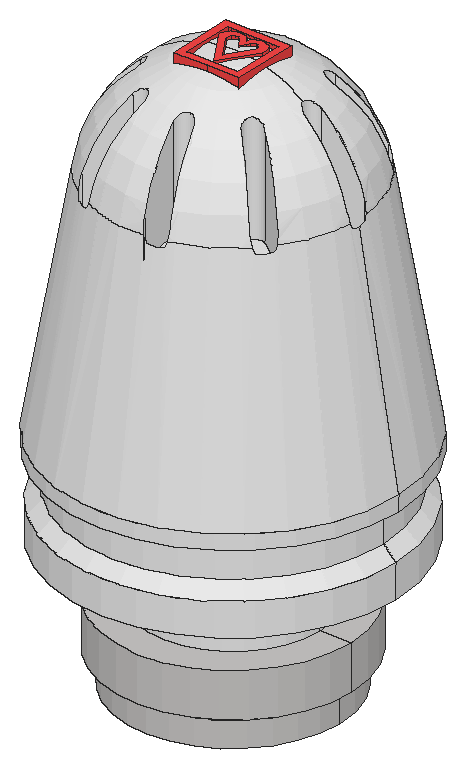
Revit family "HERZ-Thermostatkopf MINI GS M28x1.5 9200 06", category Rohrzubehör, Revit 2020
Family settings
  Bemaßung runder Anschluss = Durchmesser verwenden
  Teiletyp = Normal
  OmniClass-Nummer = 23.65.55.14
  OmniClass-Titel = Valves for Liquid Services
  Arbeitsebenenbasiert = Nein
  Immer vertikal = Nein
  Beim Laden mit Abzugskörper schneiden = Nein
  Gemeinsam genutzt = Nein
Parameters
  Vorgabe-Ansicht = 0 mm
  URL = "www.herz-armaturen.at"
  Thermostatkopf = "Kunststoff, weiß"  # constant formula
  Sollwertbereich = "6-28°C"  # constant formula
  S02 = 60 mm  # constant formula
  S01 = 73 mm  # constant formula
  Nullstellung = "Heizkörperthermostat mit Flüssigkeitsfühler (Hydrosensor) mit Stellung „0“, Frostsicherung einstellbar, mit Begrenzung und Blockierung des Sollwertbereiches."
  Hersteller = "HERZ Armaturen Ges.m.b.H."  # constant formula
  Funktionsweise = "Der HERZ-Thermostat dient als Fühl- und Regelelement. Durch die Volumsänderung der Flüssigkeitsfüllung im HERZ-Hydrosensor wird die Schubspindel des Ventils bewegt."
  Frostsicherung bei = 6 °C  # constant formula
  Sollwertbereich Frostsicherung = "6-28°C"  # constant formula
  Frostsicherung = "Heizkörperthermostat  mit  Flüssigkeitsfühler  (Hydrosensor)  mit  automatischer  Frostsicherung  und  Be-grenzung und Blockierung des Sollwertbereiches."
  Bestellnummer = 1920006  # constant formula
  Anwendungen = "Zur Montage auf Ventilen, die für thermostatischen Betrieb eingerichtet sind.Artikelnummern, Dimensionen und Lieferform der HERZ Ventile sind den jeweiligen Produktnormblättern zu entnehmen."
Reference planes
  plane 1 "Mitte (Vorne/hinten)": y = 0
  plane 2: z = 0
  plane 3 "Mitte (Links/rechts)": x = 0
Forms (mm)
  Revolve 1, solid, material "Kunststoff weiß", detail levels fine
    sketch origin (0, 0, 0) x (1, 0, 0) y (0, 0, 1)
      loop
        line (0, 0) -> (0, 73)
        arc (0, 73) -> (-11.397, 68.78) -> (-17.297, 58.156) r 17.5
        arc (-17.297, 58.156) -> (-20.011, 42.065) -> (-22.88, 26) r 1681.293
        line (-22.88, 26) -> (-22.88, 24) -> (-20.75, 24) -> (-20.75, 19.25) -> (-22.5, 17.5) -> (-22.5, 13) -> (-12.8, 13)
        arc (-12.8, 13) -> (-12.234, 12.766) -> (-12, 12.2) r 0.8
        line (-12, 12.2) -> (-12, 4.8) -> (-13.2, 4.8) -> (-13.2, 0) -> (0, 0)
      axis (0, 73) -> (0, 0)
    angle from 0 to 360
  Revolve 2, solid, material "Messing verzinkt", detail levels fine
    sketch origin (0, 0, 0) x (1, 0, 0) y (0, 0, 1)
      loop
        line (0, 0) -> (0, 5.5) -> (-16.35, 5.5) -> (-16.35, -0.576) -> (-14.75, -1.5) -> (-14.75, -5) -> (-13.35, -5) -> (-13.35, 0) -> (0, 0)
      axis (0, 5.5) -> (0, -5)
    angle from 0 to 360
  Extrusion 3, void
    sketch origin (0, 0, 0) x (1, 0, 0) y (0, 1, 0)
      loop
        arc (11.027, 1.298) -> (9.8, 0) -> (11.027, -1.298) r 1.3
        line (11.027, -1.298) -> (16.77, -1.62)
        arc (16.77, -1.62) -> (17.178, -1.485) -> (17.384, -1.107) r 0.586
        arc (17.384, -1.107) -> (17.453, 0.011) -> (17.382, 1.129) r 9
        arc (17.382, 1.129) -> (17.183, 1.492) -> (16.79, 1.621) r 0.564
        line (16.79, 1.621) -> (11.027, 1.298)
      loop
        line (9.282, 6.094) -> (13.904, 9.55)
        arc (13.904, 9.55) -> (14.121, 9.902) -> (14.04, 10.308) r 0.564
        arc (14.04, 10.308) -> (13.376, 11.21) -> (12.605, 12.023) r 9
        arc (12.605, 12.023) -> (12.205, 12.18) -> (11.805, 12.021) r 0.586
        line (11.805, 12.021) -> (7.613, 8.082)
        arc (7.613, 8.082) -> (7.507, 6.299) -> (9.282, 6.094) r 1.3
      loop
        arc (0.637, 11.085) -> (1.702, 9.651) -> (3.193, 10.634) r 1.3
        line (3.193, 10.634) -> (4.508, 16.234)
        arc (4.508, 16.234) -> (4.445, 16.659) -> (4.109, 16.928) r 0.586
        arc (4.109, 16.928) -> (3.02, 17.189) -> (1.907, 17.313) r 9
        arc (1.907, 17.313) -> (1.515, 17.181) -> (1.319, 16.816) r 0.564
        line (1.319, 16.816) -> (0.637, 11.085)
      loop
        line (-4.39, 10.199) -> (-6.991, 15.351)
        arc (-6.991, 15.351) -> (-7.3, 15.626) -> (-7.713, 15.617) r 0.564
        arc (-7.713, 15.617) -> (-8.717, 15.12) -> (-9.651, 14.501) r 9
        arc (-9.651, 14.501) -> (-9.875, 14.134) -> (-9.788, 13.713) r 0.586
        line (-9.788, 13.713) -> (-6.638, 8.901)
        arc (-6.638, 8.901) -> (-4.9, 8.487) -> (-4.39, 10.199) r 1.3
      loop
        arc (-10.806, 2.552) -> (-9.209, 3.352) -> (-9.918, 4.991) r 1.3
        line (-9.918, 4.991) -> (-15.204, 7.258)
        arc (-15.204, 7.258) -> (-15.634, 7.271) -> (-15.957, 6.986) r 0.586
        arc (-15.957, 6.986) -> (-16.404, 5.959) -> (-16.719, 4.884) r 9
        arc (-16.719, 4.884) -> (-16.657, 4.475) -> (-16.332, 4.219) r 0.564
        line (-16.332, 4.219) -> (-10.806, 2.552)
      loop
        line (-10.806, -2.552) -> (-16.332, -4.219)
        arc (-16.332, -4.219) -> (-16.657, -4.475) -> (-16.719, -4.884) r 0.564
        arc (-16.719, -4.884) -> (-16.404, -5.959) -> (-15.957, -6.986) r 9
        arc (-15.957, -6.986) -> (-15.634, -7.271) -> (-15.204, -7.258) r 0.586
        line (-15.204, -7.258) -> (-9.918, -4.991)
        arc (-9.918, -4.991) -> (-9.209, -3.352) -> (-10.806, -2.552) r 1.3
      loop
        arc (9.282, -6.094) -> (7.507, -6.299) -> (7.613, -8.082) r 1.3
        line (7.613, -8.082) -> (11.805, -12.021)
        arc (11.805, -12.021) -> (12.205, -12.18) -> (12.605, -12.023) r 0.586
        arc (12.605, -12.023) -> (13.376, -11.21) -> (14.04, -10.308) r 9
        arc (14.04, -10.308) -> (14.121, -9.902) -> (13.904, -9.55) r 0.564
        line (13.904, -9.55) -> (9.282, -6.094)
      loop
        line (0.637, -11.085) -> (1.319, -16.816)
        arc (1.319, -16.816) -> (1.515, -17.181) -> (1.907, -17.313) r 0.564
        arc (1.907, -17.313) -> (3.02, -17.189) -> (4.109, -16.928) r 9
        arc (4.109, -16.928) -> (4.445, -16.659) -> (4.508, -16.234) r 0.586
        line (4.508, -16.234) -> (3.193, -10.634)
        arc (3.193, -10.634) -> (1.702, -9.651) -> (0.637, -11.085) r 1.3
      loop
        arc (-4.39, -10.199) -> (-4.9, -8.487) -> (-6.638, -8.901) r 1.3
        line (-6.638, -8.901) -> (-9.788, -13.713)
        arc (-9.788, -13.713) -> (-9.875, -14.134) -> (-9.651, -14.501) r 0.586
        arc (-9.651, -14.501) -> (-8.717, -15.12) -> (-7.713, -15.617) r 9
        arc (-7.713, -15.617) -> (-7.3, -15.626) -> (-6.991, -15.351) r 0.564
        line (-6.991, -15.351) -> (-4.39, -10.199)
    from 55 to 73
Cuts and joins
  Extrusion 3 cuts Revolve 1
Lines and regions (mm)
  model lines, detail levels coarse+medium
    curve 1: line (0, 0, 0) -> (0, 0, 13)
    curve 2: line (0, -0.017, 0) -> (0, 13, 0)
    curve 3: circle (0, 0, 43) r 30 normal (0, -1, 0)
    curve 4: circle (0, 0, 43) r 30 normal (1, 0, 0)
    curve 5: line (0, 0, 23) -> (0, 0, 63)
    curve 6: line (0, 17.5, 63) -> (0, -17.5, 63)
    curve 7: line (-17.5, 0, 63) -> (17.5, 0, 63)
    curve 8: circle (0, 43, 0) r 30 normal (0, 0, 1)
    curve 9: line (0, 23, 0) -> (0, 63, 0)
    curve 10: line (-17.5, 63, 0) -> (17.5, 63, 0)
Dimensions and locks
  "S01": curve 4 to plane 2
  "S01": curve 3 to plane 2
  "S01": plane 1 "Mitte (Vorne/hinten)" to curve 8
  "S02": diameter of curve 3
  "S02": diameter of curve 4
  "S02": diameter of curve 8
  aligned and locked: level to plane 2
Automatic sketch dimensions
  Revolve 1 sketch curve to level = 0 mm
  Revolve 1 sketch curve to plane 3 "Mitte (Links/rechts)" = 0 mm  (x2)
  Revolve 1 sketch curve to plane 3 "Mitte (Links/rechts)" = 12 mm
  Revolve 1 sketch curve to Revolve 1 sketch curve = 0.8 mm
  Revolve 1 sketch curve to Revolve 1 sketch curve = 1.2 mm
  Revolve 1 sketch curve to Revolve 1 sketch curve = 7.95 mm
  Revolve 1 sketch curve to Revolve 1 sketch curve = 1.75 mm  (x2)
  Revolve 1 sketch curve to Revolve 1 sketch curve = 2.13 mm
  level to Revolve 1 sketch curve = 329.658 mm
  Revolve 1 sketch curve to plane 3 "Mitte (Links/rechts)" = 1676.524 mm
  level to Revolve 1 sketch curve = 4.8 mm
  Revolve 1 sketch curve to Revolve 1 sketch curve = 7.4 mm
  Revolve 1 sketch curve to Revolve 1 sketch curve = 4.5 mm
  Revolve 1 sketch curve to Revolve 1 sketch curve = 4.75 mm
  Revolve 1 sketch curve to Revolve 1 sketch curve = 2 mm
  Revolve 1 sketch curve to Revolve 1 sketch curve = 29.5 mm
  Revolve 1 sketch curve to Revolve 1 sketch curve = 17.5 mm
  Revolve 1 sketch curve to level = 366.045 mm
  Revolve 1 sketch curve to Revolve 1 sketch curve = 2141.315 mm
  Revolve 2 sketch curve to level = 0 mm
  Revolve 2 sketch curve to plane 3 "Mitte (Links/rechts)" = 0 mm  (x2)
  Revolve 2 sketch curve to level = 5 mm
  Revolve 2 sketch curve to plane 3 "Mitte (Links/rechts)" = 13.35 mm
  Revolve 2 sketch curve to Revolve 2 sketch curve = 1.4 mm
  Revolve 2 sketch curve to level = 0.576 mm
  Revolve 2 sketch curve to Revolve 2 sketch curve = 1.6 mm
  Revolve 2 sketch curve to level = 1.5 mm
  level to Revolve 2 sketch curve = 5.5 mm
  Revolve 2 sketch curve to Revolve 2 sketch curve = 361.045 mm
  Revolve 2 sketch curve to Revolve 2 sketch curve = 2208.815 mm
  plane 1 "Mitte (Vorne/hinten)" to Extrusion 3 sketch curve = 0 mm  (x2)
  Extrusion 3 sketch curve to plane 1 "Mitte (Vorne/hinten)" = 4.219 mm
  Extrusion 3 sketch curve to plane 3 "Mitte (Links/rechts)" = 16.332 mm
  plane 1 "Mitte (Vorne/hinten)" to Extrusion 3 sketch curve = 4.219 mm
  Extrusion 3 sketch curve to Extrusion 3 sketch curve = 0 mm  (x11)
  Extrusion 3 sketch curve to Extrusion 3 sketch curve = 0.163 mm  (x2)
  Extrusion 3 sketch curve to Extrusion 3 sketch curve = 0.734 mm  (x2)
  plane 1 "Mitte (Vorne/hinten)" to Extrusion 3 sketch curve = 7.258 mm
  Extrusion 3 sketch curve to Extrusion 3 sketch curve = 0.231 mm  (x2)
  Extrusion 3 sketch curve to plane 1 "Mitte (Vorne/hinten)" = 7.258 mm
  plane 1 "Mitte (Vorne/hinten)" to Extrusion 3 sketch curve = 2.552 mm
  Extrusion 3 sketch curve to Extrusion 3 sketch curve = 5.526 mm
  Extrusion 3 sketch curve to plane 1 "Mitte (Vorne/hinten)" = 2.552 mm
  Extrusion 3 sketch curve to Extrusion 3 sketch curve = 0.375 mm  (x2)
  Extrusion 3 sketch curve to Extrusion 3 sketch curve = 0.512 mm  (x2)
  Extrusion 3 sketch curve to Extrusion 3 sketch curve = 5.416 mm  (x2)
  Extrusion 3 sketch curve to Extrusion 3 sketch curve = 0.49 mm  (x2)
  Extrusion 3 sketch curve to Extrusion 3 sketch curve = 2.488 mm  (x2)
  Extrusion 3 sketch curve to Extrusion 3 sketch curve = 1.803 mm  (x2)
  Extrusion 3 sketch curve to Extrusion 3 sketch curve = 0.504 mm  (x2)
  Extrusion 3 sketch curve to Extrusion 3 sketch curve = 3.281 mm  (x2)
  Extrusion 3 sketch curve to Extrusion 3 sketch curve = 1.088 mm  (x2)
  Extrusion 3 sketch curve to Extrusion 3 sketch curve = 1.16 mm  (x2)
  Extrusion 3 sketch curve to Extrusion 3 sketch curve = 1.324 mm  (x2)
  plane 3 "Mitte (Links/rechts)" to Extrusion 3 sketch curve = 0.637 mm  (x2)
  plane 3 "Mitte (Links/rechts)" to Extrusion 3 sketch curve = 1.319 mm  (x2)
  plane 3 "Mitte (Links/rechts)" to Extrusion 3 sketch curve = 1.468 mm  (x2)
  Extrusion 3 sketch curve to Extrusion 3 sketch curve = 0.561 mm  (x2)
  Extrusion 3 sketch curve to Extrusion 3 sketch curve = 1.291 mm  (x2)
  Extrusion 3 sketch curve to Extrusion 3 sketch curve = 1.266 mm  (x2)
  Extrusion 3 sketch curve to Extrusion 3 sketch curve = 2.058 mm  (x2)
  Extrusion 3 sketch curve to Extrusion 3 sketch curve = 0.57 mm  (x2)
  Extrusion 3 sketch curve to Extrusion 3 sketch curve = 5.007 mm  (x2)
  Extrusion 3 sketch curve to Extrusion 3 sketch curve = 1.138 mm  (x2)
  Extrusion 3 sketch curve to Extrusion 3 sketch curve = 1.978 mm
  Extrusion 3 sketch curve to Extrusion 3 sketch curve = 0.89 mm  (x2)
  Extrusion 3 sketch curve to Extrusion 3 sketch curve = 0.779 mm  (x2)
  plane 1 "Mitte (Vorne/hinten)" to Extrusion 3 sketch curve = 1.298 mm
  Extrusion 3 sketch curve to Extrusion 3 sketch curve = 2.575 mm
  Extrusion 3 sketch curve to Extrusion 3 sketch curve = 0.073 mm
  Extrusion 3 sketch curve to Extrusion 3 sketch curve = 4.192 mm  (x2)
  Extrusion 3 sketch curve to Extrusion 3 sketch curve = 0.401 mm  (x2)
  Extrusion 3 sketch curve to Extrusion 3 sketch curve = 1.36 mm  (x2)
  Extrusion 3 sketch curve to Extrusion 3 sketch curve = 0.338 mm  (x2)
  plane 1 "Mitte (Vorne/hinten)" to Extrusion 3 sketch curve = 1.62 mm
  Extrusion 3 sketch curve to Extrusion 3 sketch curve = 5.743 mm
  Extrusion 3 sketch curve to plane 1 "Mitte (Vorne/hinten)" = 1.621 mm
  Extrusion 3 sketch curve to Extrusion 3 sketch curve = 0.02 mm
  Extrusion 3 sketch curve to Extrusion 3 sketch curve = 0.033 mm
  Extrusion 3 sketch curve to Extrusion 3 sketch curve = 0.032 mm
  plane 1 "Mitte (Vorne/hinten)" to Extrusion 3 sketch curve = 7.32 mm
  Extrusion 3 sketch curve to Extrusion 3 sketch curve = 6.784 mm
  Extrusion 3 sketch curve to Extrusion 3 sketch curve = 1.004 mm
  Extrusion 3 sketch curve to Extrusion 3 sketch curve = 1.581 mm  (x2)
  Extrusion 3 sketch curve to Extrusion 3 sketch curve = 1.468 mm
  Extrusion 3 sketch curve to Extrusion 3 sketch curve = 0.712 mm  (x2)
  Extrusion 3 sketch curve to Extrusion 3 sketch curve = 0.452 mm  (x2)
  Extrusion 3 sketch curve to Extrusion 3 sketch curve = 2.31 mm  (x2)
  Extrusion 3 sketch curve to Extrusion 3 sketch curve = 0.297 mm  (x2)
  Extrusion 3 sketch curve to Extrusion 3 sketch curve = 1.591 mm  (x2)
  Extrusion 3 sketch curve to Extrusion 3 sketch curve = 0.427 mm  (x2)
  Extrusion 3 sketch curve to Extrusion 3 sketch curve = 4.812 mm  (x2)
  Extrusion 3 sketch curve to Extrusion 3 sketch curve = 0.321 mm  (x2)
  Extrusion 3 sketch curve to Extrusion 3 sketch curve = 1.063 mm  (x2)
  Extrusion 3 sketch curve to Extrusion 3 sketch curve = 0.254 mm  (x2)
  Extrusion 3 sketch curve to Extrusion 3 sketch curve = 5.599 mm  (x2)
  Extrusion 3 sketch curve to Extrusion 3 sketch curve = 0.134 mm  (x2)
  Extrusion 3 sketch curve to Extrusion 3 sketch curve = 0.382 mm  (x2)
  Extrusion 3 sketch curve to Extrusion 3 sketch curve = 0.067 mm  (x2)
  Extrusion 3 sketch curve to Extrusion 3 sketch curve = 0.947 mm
  Extrusion 3 sketch curve to Extrusion 3 sketch curve = 0.539 mm  (x2)
  Extrusion 3 sketch curve to Extrusion 3 sketch curve = 1.702 mm
  Extrusion 3 sketch curve to Extrusion 3 sketch curve = 2.439 mm
  Extrusion 3 sketch curve to Extrusion 3 sketch curve = 0.54 mm  (x2)
  Extrusion 3 sketch curve to Extrusion 3 sketch curve = 0.905 mm
  Extrusion 3 sketch curve to Extrusion 3 sketch curve = 0.585 mm
  Extrusion 3 sketch curve to Extrusion 3 sketch curve = 0.564 mm
  Extrusion 3 sketch curve to Extrusion 3 sketch curve = 0.339 mm
  Extrusion 3 sketch curve to Extrusion 3 sketch curve = 1.245 mm
  Extrusion 3 sketch curve to plane 1 "Mitte (Vorne/hinten)" = 5.433 mm
  Extrusion 3 sketch curve to Extrusion 3 sketch curve = 0.661 mm
  Extrusion 3 sketch curve to Extrusion 3 sketch curve = 1.041 mm
  Extrusion 3 sketch curve to Extrusion 3 sketch curve = 4.429 mm
  Extrusion 3 sketch curve to Extrusion 3 sketch curve = 2.891 mm
  Extrusion 3 sketch curve to Extrusion 3 sketch curve = 3.456 mm
  Extrusion 3 sketch curve to plane 1 "Mitte (Vorne/hinten)" = 1.298 mm  (x2)
  curve 5 to plane 1 "Mitte (Vorne/hinten)" = 0 mm
  curve 4 to plane 1 "Mitte (Vorne/hinten)" = 0 mm
  plane 1 "Mitte (Vorne/hinten)" to curve 6 = 17.5 mm
  curve 5 to curve 6 = 17.5 mm
  curve 5 to curve 4 = 20 mm
  curve 4 to curve 6 = 20 mm
  curve 3 to plane 3 "Mitte (Links/rechts)" = 0 mm
  curve 1 to plane 3 "Mitte (Links/rechts)" = 0 mm
  curve 1 to level = 0 mm
  curve 7 to plane 3 "Mitte (Links/rechts)" = 17.5 mm
  plane 3 "Mitte (Links/rechts)" to curve 7 = 17.5 mm
  curve 3 to curve 7 = 20 mm
  curve 8 to plane 3 "Mitte (Links/rechts)" = 0 mm
  curve 9 to plane 3 "Mitte (Links/rechts)" = 0 mm
  curve 2 to plane 3 "Mitte (Links/rechts)" = 0 mm
  curve 10 to curve 9 = 17.5 mm
  plane 3 "Mitte (Links/rechts)" to curve 10 = 17.5 mm
  plane 1 "Mitte (Vorne/hinten)" to curve 2 = 0.017 mm
  curve 2 to curve 9 = 10 mm
  curve 8 to curve 10 = 20 mm
Nested families
  nested 1: "Herz-Logo" at (0, 0, 71.5), type "Herz-Logo", detail levels fine
Definition of nested family "Herz-Logo"
  Parameters (values of type "Herz-Logo")
    Default Elevation = 0 mm
  Reference planes
    plane 1 "Mitte (Vorne/hinten)": y = 0
    plane 2: z = 0
    plane 3 "Mitte (Links/rechts)": x = 0
  Forms (mm)
    Extrusion 1, solid
      sketch origin (0, 0, 0) x (1, 0, 0) y (0, 1, 0)
        loop
          line (-0.018, -4.517) -> (4.482, -4.517) -> (4.482, 4.483) -> (-4.518, 4.483) -> (-4.518, -4.517) -> (-0.018, -4.517)
        loop
          line (-0.05, -3.48) -> (3.482, -3.48) -> (3.482, 3.483) -> (-3.518, 3.483) -> (-3.518, -3.48) -> (-0.05, -3.48)
        loop
          arc (-0.018, 2.383) -> (-1.543, 3.287) -> (-3.067, 2.383) r 1.738
          arc (-3.067, 2.383) -> (-3.191, 1.899) -> (-3.067, 1.415) r 1.009
          line (-3.067, 1.415) -> (-0.018, -3.281) -> (3.032, 1.415)
          arc (3.032, 1.415) -> (3.156, 1.899) -> (3.032, 2.383) r 1.009
          arc (3.032, 2.383) -> (1.507, 3.287) -> (-0.018, 2.383) r 1.738
        loop
          arc (1.885, 1.272) -> (2.005, 1.675) -> (1.885, 2.079) r 0.74
          arc (1.885, 2.079) -> (1.265, 2.416) -> (0.644, 2.079) r 0.74
          line (0.644, 2.079) -> (-0.018, 0.97) -> (-0.679, 2.079)
          arc (-0.679, 2.079) -> (-1.3, 2.416) -> (-1.921, 2.079) r 0.74
          arc (-1.921, 2.079) -> (-2.04, 1.675) -> (-1.921, 1.272) r 0.74
          line (-1.921, 1.272) -> (-0.018, -1.658) -> (1.885, 1.272)
      from 0 to 1.5
  Dimensions and locks
    aligned and locked: level to plane 2
